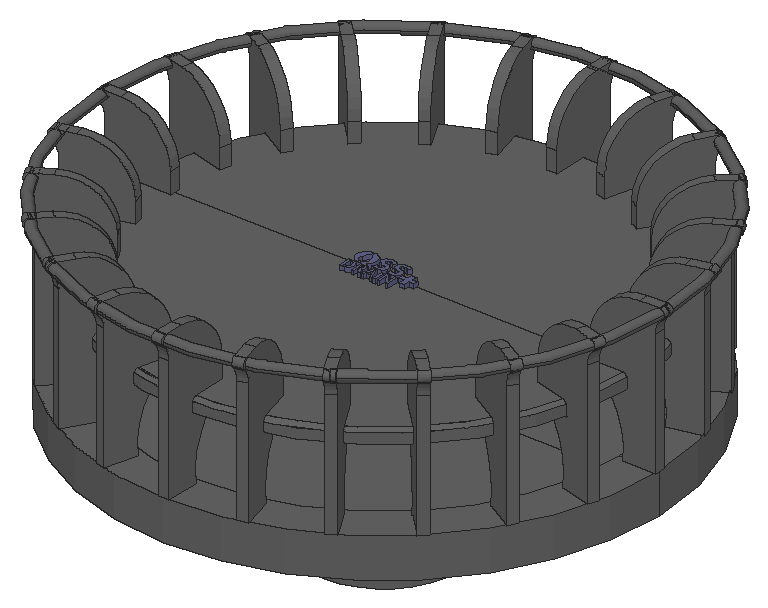
Revit family "QSS+_Воронка QS", category Оборудование, Revit 2019 (continued)
Definition of nested family "Лого"
  Forms (mm)
    Extrusion 1, solid, material <- "Материал_Лого"
      sketch origin (0.011, 0.021, 0) x (1, 0, 0) y (0, 1, 0)
        loop
          line (-10.073, -2.231) -> (-10.073, -7.927) -> (-8.979, -7.927) -> (-8.979, -5.814) -> (-8.144, -5.814) -> (-6.923, -7.927) -> (-4.195, -7.927) -> (-3.764, -6.64) -> (-1.584, -6.64) -> (-1.153, -7.927) -> (0.21, -7.927) -> (-2.006, -2.216) -> (-3.343, -2.216) -> (-5.503, -7.764) -> (-6.891, -5.489)
          spline (-6.891, -5.489) -> (-6.569, -5.283) -> (-6.3, -5.022) -> (-6.095, -4.717) -> (-5.961, -4.38) -> (-5.906, -4.026) -> (-5.931, -3.669) -> (-6.035, -3.324) -> (-6.214, -3.006) -> (-6.461, -2.727) -> (-6.764, -2.499) -> (-7.112, -2.331) -> (-7.491, -2.231)
          line (-7.491, -2.231) -> (-10.073, -2.231)
        loop
          line (-8.979, -3.231) -> (-8.979, -4.901) -> (-7.879, -4.901)
          arc (-7.879, -4.901) -> (-7.203, -4.066) -> (-7.879, -3.231) r 0.853
          line (-7.879, -3.231) -> (-8.979, -3.231)
        loop
          line (-2.674, -3.389) -> (-3.47, -5.764) -> (-1.878, -5.764) -> (-2.674, -3.389)
        loop
          line (0.698, -2.231) -> (0.698, -7.927) -> (1.991, -7.927) -> (1.991, -2.231) -> (0.698, -2.231)
        loop
          arc (-5.726, -0.513) -> (-4.277, -1.348) -> (-2.645, -1.713) r 5.553
          arc (-2.645, -1.713) -> (-1.444, -1.607) -> (-0.334, -1.137) r 3.864
          arc (-0.334, -1.137) -> (0.383, -0.313) -> (0.844, 0.677) r 3.906
          arc (0.844, 0.677) -> (0.918, 1.748) -> (0.517, 2.743) r 2.391
          arc (0.517, 2.743) -> (-0.177, 3.384) -> (-1.009, 3.831) r 3.743
          line (-1.009, 3.831) -> (-2.856, 4.54)
          arc (-2.856, 4.54) -> (-3.258, 5.004) -> (-3.214, 5.616) r 0.802
          arc (-3.214, 5.616) -> (-2.896, 5.984) -> (-2.442, 6.157) r 0.991
          arc (-2.442, 6.157) -> (-1.897, 6.165) -> (-1.362, 6.063) r 2.695
          line (-1.362, 6.063) -> (0, 5.417) -> (0.794, 6.91)
          arc (0.794, 6.91) -> (-1.465, 7.87) -> (-3.889, 7.485) r 4.442
          arc (-3.889, 7.485) -> (-5.272, 5.919) -> (-5.073, 3.84) r 2.623
          arc (-5.073, 3.84) -> (-4.356, 3.014) -> (-3.364, 2.552) r 2.623
          line (-3.364, 2.552) -> (-1.899, 2.104)
          arc (-1.899, 2.104) -> (-1.222, 1.484) -> (-1.278, 0.567) r 1.067
          arc (-1.278, 0.567) -> (-1.848, 0.053) -> (-2.613, 0) r 1.178
          arc (-2.613, 0) -> (-3.214, 0.18) -> (-3.803, 0.396) r 10.617
          line (-3.803, 0.396) -> (-4.741, 1.005) -> (-5.726, -0.513)
        loop
          arc (1.457, -0.513) -> (2.907, -1.348) -> (4.539, -1.713) r 5.553
          arc (4.539, -1.713) -> (5.74, -1.607) -> (6.849, -1.137) r 3.864
          arc (6.849, -1.137) -> (7.566, -0.313) -> (8.027, 0.677) r 3.906
          arc (8.027, 0.677) -> (8.102, 1.748) -> (7.7, 2.743) r 2.391
          arc (7.7, 2.743) -> (7.006, 3.384) -> (6.174, 3.831) r 3.743
          line (6.174, 3.831) -> (4.328, 4.54)
          arc (4.328, 4.54) -> (3.926, 5.004) -> (3.97, 5.616) r 0.802
          arc (3.97, 5.616) -> (4.287, 5.984) -> (4.742, 6.157) r 0.991
          arc (4.742, 6.157) -> (5.286, 6.165) -> (5.821, 6.063) r 2.695
          line (5.821, 6.063) -> (7.183, 5.417) -> (7.977, 6.91)
          arc (7.977, 6.91) -> (5.718, 7.87) -> (3.294, 7.485) r 4.442
          arc (3.294, 7.485) -> (1.911, 5.919) -> (2.11, 3.84) r 2.623
          arc (2.11, 3.84) -> (2.828, 3.014) -> (3.82, 2.552) r 2.623
          line (3.82, 2.552) -> (5.284, 2.104)
          arc (5.284, 2.104) -> (5.962, 1.484) -> (5.906, 0.567) r 1.067
          arc (5.906, 0.567) -> (5.336, 0.053) -> (4.571, 0) r 1.178
          arc (4.571, 0) -> (3.97, 0.18) -> (3.38, 0.396) r 10.617
          line (3.38, 0.396) -> (2.443, 1.005) -> (1.457, -0.513)
        loop
          line (3.118, -2.231) -> (3.118, -7.927) -> (4.271, -7.927) -> (4.271, -4.322) -> (7.119, -7.927) -> (8.079, -7.927) -> (8.079, -2.231) -> (6.927, -2.231) -> (6.927, -5.815) -> (4.095, -2.231) -> (3.118, -2.231)
      from 0 to 10 <- "Высота"
    Extrusion 2, solid, material <- "Материал_Лого"
      sketch origin (0.011, 0.021, 0) x (1, 0, 0) y (0, 1, 0)
        loop
          line (-9.924, -1.619) -> (-8.323, -3.382) -> (-5.741, -3.382) -> (-8.136, -0.745)
          spline (-8.136, -0.745) -> (-6.671, 1.11) -> (-6.264, 3.426) -> (-7.01, 5.658) -> (-8.733, 7.283) -> (-11.03, 7.918) -> (-13.36, 7.414) -> (-15.176, 5.89) -> (-16.051, 3.704) -> (-15.78, 1.369) -> (-14.427, -0.566) -> (-12.309, -1.647) -> (-9.924, -1.619)
        loop
          arc (-13.613, 2.597) -> (-10.838, -0.63) -> (-8.999, 3.207) r 2.541
          arc (-8.999, 3.207) -> (-9.984, 5.059) -> (-11.172, 6.788) r 18.476
          arc (-11.172, 6.788) -> (-12.53, 4.773) -> (-13.613, 2.597) r 18.476
      from 0 to 10 <- "Высота"
  Lines and regions (mm)
    reference lines
      curve 1: line (16.024, -7.913, 0) -> (16.024, 7.913, 0)
      curve 2: line (16.024, 7.913, 0) -> (-16.024, 7.913, 0)
      curve 3: line (-16.024, 7.913, 0) -> (-16.024, -7.913, 0)
      curve 4: line (16.024, -7.913, 0) -> (-16.024, -7.913, 0)
  Dimensions and locks
    aligned and locked: level to plane 2
Definition of nested family "QSS+_Нагревательный элемент для воронок"
  Parameters (values of type "QSS+")
    Материал_Корпус = none
    URL = "www.agpipe.ru"
    ADSK_Примечание = ""
    ADSK_Позиция [instance] = ""
    ADSK_Обозначение = ""
    ADSK_Наименование [instance] = "Нагревательный элемент для воронок"  # constant formula
    ADSK_Масса_Текст [instance] = ""
    ADSK_Код изделия [instance] = "QSS-NGE-230"  # constant formula
    ADSK_Завод-изготовитель = "Agpipe"  # constant formula
  Reference planes
    plane 1 "По центру (Вперед/Назад)": y = 0
    plane 2: z = 0
    plane 3 "По центру (Влево/Вправо)": x = 0
    plane 4: z = 20
    plane 5: z = -20
    plane 6: z = -13.5
    plane 7: z = 3.25
  Forms (mm)
    Extrusion 1, solid, material <- "Материал_Корпус", not visible, detail levels fine
      sketch origin (0, 0, 0) x (1, 0, 0) y (0, 1, 0)
        loop
          line (-10, 10) -> (-10, -10) -> (10, -10) -> (10, 10) -> (-10, 10)
      from 0 to 2.522
  Dimensions and locks
    equal spacing: plane 4, level, plane 5
    plane 4 to plane 5 = 40 mm
    equal spacing: plane 4, plane 7, plane 6
    plane 4 to plane 6 = 33.5 mm
    aligned and locked: level to plane 2
  Automatic sketch dimensions
    Extrusion 1 sketch curve to plane 3 "По центру (Влево/Вправо)" = 10 mm
    Extrusion 1 sketch curve to Extrusion 1 sketch curve = 20 mm  (x2)
    plane 1 "По центру (Вперед/Назад)" to Extrusion 1 sketch curve = 10 mm
